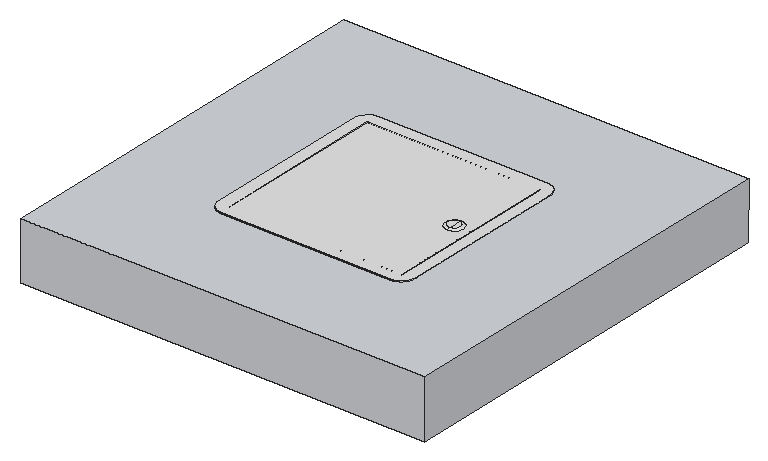
Revit family
Parameters (values of type "WM-CABH011")
  WELSRating_ANZRS = "4 star"
  URL = "www.galvinengineering.com.au"
  Type Comments = "WM-CABH"
  StyleOrType_ANZRS = "Plumbing Fixture"
  Seating = ""
  RemovableDoor = not(HingedDoor)  # no
  PlumbingMaterial_ANZRS = Metal_Valves_DR-Brass-Nickel-Plated_10800
  Outlet = ""
  ModifiedIssue_ANZRS = 20120403.01  # constant formula
  Model = "WM-CABH011"
  Manufacturer = "Galvin Engineering"
  Keynote = "10800"
  Instructions = "http://www.galvinengineering.com.au/Installation_Guides_1.aspx"
  Inlet = ""
  HingedDoor = yes
  FilterObject_ANZRS = "WM-CABH"
  Description = "CliniMix® Cabinet Only With Hinged Door 3 Hole Top & Bottom"
  Default Elevation = 900.00 mm
  CreatedBy_ANZRS = "Galvin Engineering"
  CreatedByURL_ANZRS = "www.galvinengineering.com.au"
  CreatedByPhoneNo_ANZRS = "61-8-92495900"
  Circulation_ANZRS = yes
  Assembly Code = "D2010"
Types (3, lengths in mm): name | Type Comments | RemovableDoor | Model | HingedDoor | FilterObject_ANZRS | Description
  (no name) | "WM-CABH" | no | "WM-CABH011" | yes | "WM-CABH" | "CliniMix® Cabinet Only With Hinged Door 3 Hole Top & Bottom"
  WM-CABH011 | "WM-CABH" | no | "WM-CABH011" | yes | "WM-CABH" | "CliniMix® Cabinet Only With Hinged Door 3 Hole Top & Bottom"
  WM-CABR011 | "WM-CABR" | yes | "WM-CABR011" | no | "WM-CABR" | "CliniMix® Cabinet Only With Removable Door 3 Hole Top & Bottom"
Reference planes
  plane 1 "Center (Front/Back)": y = 0
  plane 2 "Face": z = 0
  plane 3 "Center (Left/Right)": x = 0
  plane 4 "Left": x = -150
  plane 5 "Right": x = 150
  plane 6 "Top": y = 150
  plane 7 "Bottom": y = -150
  plane 8 "Front": z = 1
Forms (mm)
  Extrusion 1, solid
    sketch origin (0, -719.2, 0) x (1, 0, 0) y (0, 1, 0)
      loop
        line (-350, 1069.2) -> (-350, 369.2) -> (350, 369.2) -> (350, 1069.2) -> (-350, 1069.2)
    from 0 to -100
  Extrusion 2, solid, material "Metal_Valves_DR-Brass-Nickel-Plated_10800" <- "PlumbingMaterial_ANZRS"
    sketch origin (0, 0, -74) x (1, 0, 0) y (0, 1, 0)
      loop
        line (-150, 150) -> (-150, -150) -> (150, -150) -> (150, 150) -> (-150, 150)
      loop
        line (-149, 149) -> (-149, -149) -> (149, -149) -> (149, 149) -> (-149, 149)
    from 0 to 75
  Extrusion 3, solid, material "Metal_Valves_DR-Brass-Nickel-Plated_10800" <- "PlumbingMaterial_ANZRS"
    sketch origin (0, 0, 1) x (-1, 0, 0) y (0, -1, 0)
      loop
        arc (170, 145) -> (162.678, 162.678) -> (145, 170) r 25
        line (145, 170) -> (-145, 170)
        arc (-145, 170) -> (-162.678, 162.678) -> (-170, 145) r 25
        line (-170, 145) -> (-170, -145)
        arc (-170, -145) -> (-162.678, -162.678) -> (-145, -170) r 25
        line (-145, -170) -> (145, -170)
        arc (145, -170) -> (162.678, -162.678) -> (170, -145) r 25
        line (170, -145) -> (170, 145)
    from 0 to -1
  Revolve 4, solid, material "Metal_Valves_DR-Brass-Nickel-Plated_10800" <- "PlumbingMaterial_ANZRS", detail levels medium+fine
    sketch origin (0, 0, -36.5) x (-1, 0, 0) y (0, -1, 0)
      loop
        line (-150, -115) -> (-150, -110) -> (-165, -110) -> (-165, -111.688) -> (-164.705, -112.5) -> (-164.409, -111.688) -> (-164.114, -112.5) -> (-163.818, -111.688) -> (-163.523, -112.5) -> (-163.227, -111.688) -> (-162.932, -112.5) -> (-162.637, -111.688) -> (-162.341, -112.5) -> (-162.046, -111.688) -> (-161.75, -112.5) -> (-161.455, -111.688) -> (-161.159, -112.5) -> (-160.864, -111.688) -> (-160.569, -112.5) -> (-160.273, -111.688) -> (-159.978, -112.5) -> (-159.682, -111.688) -> (-159.387, -112.5) -> (-159.091, -111.688) -> (-158.796, -112.5) -> (-158.501, -111.688) -> (-158.205, -112.5) -> (-157.91, -111.688) -> (-157.614, -112.5) -> (-156.773, -112.5) -> (-156.773, -114) -> (-151.25, -114) -> (-151.25, -115) -> (-150, -115)
      axis (-150, -110) -> (-165, -110)
    angle from 0 to 360
  Revolve 5, solid, material "Metal_Valves_DR-Brass-Nickel-Plated_10800" <- "PlumbingMaterial_ANZRS", detail levels medium+fine
    sketch origin (0, 0, -36.5) x (-1, 0, 0) y (0, -1, 0)
      loop
        line (-150, 115) -> (-151.25, 115) -> (-151.25, 114) -> (-156.773, 114) -> (-156.773, 112.5) -> (-157.614, 112.5) -> (-157.91, 111.688) -> (-158.205, 112.5) -> (-158.501, 111.688) -> (-158.796, 112.5) -> (-159.091, 111.688) -> (-159.387, 112.5) -> (-159.682, 111.688) -> (-159.978, 112.5) -> (-160.273, 111.688) -> (-160.569, 112.5) -> (-160.864, 111.688) -> (-161.159, 112.5) -> (-161.455, 111.688) -> (-161.75, 112.5) -> (-162.046, 111.688) -> (-162.341, 112.5) -> (-162.637, 111.688) -> (-162.932, 112.5) -> (-163.227, 111.688) -> (-163.523, 112.5) -> (-163.818, 111.688) -> (-164.114, 112.5) -> (-164.409, 111.688) -> (-164.705, 112.5) -> (-165, 111.688) -> (-165, 110) -> (-150, 110) -> (-150, 115)
      axis (-150, 110) -> (-165, 110)
    angle from 0 to 360
  Revolve 6, solid, material "Metal_Valves_DR-Brass-Nickel-Plated_10800" <- "PlumbingMaterial_ANZRS", detail levels medium+fine
    sketch origin (0, 0, -36.5) x (1, 0, 0) y (0, 1, 0)
      loop
        line (-150, 115) -> (-151.25, 115) -> (-151.25, 114) -> (-156.773, 114) -> (-156.773, 112.5) -> (-157.614, 112.5) -> (-157.91, 111.688) -> (-158.205, 112.5) -> (-158.501, 111.688) -> (-158.796, 112.5) -> (-159.091, 111.688) -> (-159.387, 112.5) -> (-159.682, 111.688) -> (-159.978, 112.5) -> (-160.273, 111.688) -> (-160.569, 112.5) -> (-160.864, 111.688) -> (-161.159, 112.5) -> (-161.455, 111.688) -> (-161.75, 112.5) -> (-162.046, 111.688) -> (-162.341, 112.5) -> (-162.637, 111.688) -> (-162.932, 112.5) -> (-163.227, 111.688) -> (-163.523, 112.5) -> (-163.818, 111.688) -> (-164.114, 112.5) -> (-164.409, 111.688) -> (-164.705, 112.5) -> (-165, 111.688) -> (-165, 110) -> (-150, 110) -> (-150, 115)
      axis (-150, 110) -> (-165, 110)
    angle from 0 to 360
  Revolve 7, solid, material "Metal_Valves_DR-Brass-Nickel-Plated_10800" <- "PlumbingMaterial_ANZRS", detail levels medium+fine
    sketch origin (0, 0, -36.5) x (1, 0, 0) y (0, 1, 0)
      loop
        line (-150, -115) -> (-150, -110) -> (-165, -110) -> (-165, -111.688) -> (-164.705, -112.5) -> (-164.409, -111.688) -> (-164.114, -112.5) -> (-163.818, -111.688) -> (-163.523, -112.5) -> (-163.227, -111.688) -> (-162.932, -112.5) -> (-162.637, -111.688) -> (-162.341, -112.5) -> (-162.046, -111.688) -> (-161.75, -112.5) -> (-161.455, -111.688) -> (-161.159, -112.5) -> (-160.864, -111.688) -> (-160.569, -112.5) -> (-160.273, -111.688) -> (-159.978, -112.5) -> (-159.682, -111.688) -> (-159.387, -112.5) -> (-159.091, -111.688) -> (-158.796, -112.5) -> (-158.501, -111.688) -> (-158.205, -112.5) -> (-157.91, -111.688) -> (-157.614, -112.5) -> (-156.773, -112.5) -> (-156.773, -114) -> (-151.25, -114) -> (-151.25, -115) -> (-150, -115)
      axis (-150, -110) -> (-165, -110)
    angle from 0 to 360
  Extrusion 8, solid, material "Metal_Valves_DR-Brass-Nickel-Plated_10800" <- "PlumbingMaterial_ANZRS"
    sketch origin (0, 0, -74) x (1, 0, 0) y (0, 1, 0)
      loop
        line (-150, 150) -> (-150, -150) -> (150, -150) -> (150, 150) -> (-150, 150)
    from 0 to 1
  Revolve 9, solid, material "Metal_Valves_DR-Brass-Nickel-Plated_10800" <- "PlumbingMaterial_ANZRS", visible <- "HingedDoor", detail levels medium+fine
    sketch origin (121.25, 0, -74) x (0, 1, 0) y (0, 0, 1)
      loop
        line (15, 75) -> (11, 76.5) -> (0, 76.5) -> (0, 75) -> (15, 75)
      axis (0, 75) -> (0, 76.5)
    angle from 0 to 360
  Revolve 10, solid, material "Plastic_Valves_Grey_10800"
    sketch origin (0, 0, -39) x (-1, 0, 0) y (0, -1, 0)
      loop
        line (0, -150) -> (-17.5, -150) -> (-17.5, -152)
        arc (-17.5, -152) -> (-16.621, -154.121) -> (-14.5, -155) r 3
        line (-14.5, -155) -> (0, -155) -> (0, -150)
      axis (0, -155) -> (0, -150)
    angle from 0 to 360
  Revolve 11, solid, material "Plastic_Valves_Grey_10800"
    sketch origin (-75, 0, -39) x (-1, 0, 0) y (0, -1, 0)
      loop
        line (0, -150) -> (-17.5, -150) -> (-17.5, -152)
        arc (-17.5, -152) -> (-16.621, -154.121) -> (-14.5, -155) r 3
        line (-14.5, -155) -> (0, -155) -> (0, -150)
      axis (0, -155) -> (0, -150)
    angle from 0 to 360
  Revolve 12, solid, material "Plastic_Valves_Grey_10800"
    sketch origin (0, 0, -39) x (-1, 0, 0) y (0, -1, 0)
      loop
        line (0, 150) -> (0, 155) -> (-14.5, 155)
        arc (-14.5, 155) -> (-16.621, 154.121) -> (-17.5, 152) r 3
        line (-17.5, 152) -> (-17.5, 150) -> (0, 150)
      axis (0, 155) -> (0, 150)
    angle from 0 to 360
  Revolve 13, solid, material "Plastic_Valves_Grey_10800"
    sketch origin (75, 0, -39) x (1, 0, 0) y (0, 1, 0)
      loop
        line (0, 150) -> (0, 155) -> (-14.5, 155)
        arc (-14.5, 155) -> (-16.621, 154.121) -> (-17.5, 152) r 3
        line (-17.5, 152) -> (-17.5, 150) -> (0, 150)
      axis (0, 155) -> (0, 150)
    angle from 0 to 360
  Revolve 14, solid, material "Plastic_Valves_Grey_10800"
    sketch origin (-75, 0, -39) x (-1, 0, 0) y (0, -1, 0)
      loop
        line (0, 150) -> (0, 155) -> (-14.5, 155)
        arc (-14.5, 155) -> (-16.621, 154.121) -> (-17.5, 152) r 3
        line (-17.5, 152) -> (-17.5, 150) -> (0, 150)
      axis (0, 155) -> (0, 150)
    angle from 0 to 360
  Revolve 15, solid, material "Plastic_Valves_Grey_10800"
    sketch origin (75, 0, -39) x (1, 0, 0) y (0, 1, 0)
      loop
        line (0, -150) -> (-17.5, -150) -> (-17.5, -152)
        arc (-17.5, -152) -> (-16.621, -154.121) -> (-14.5, -155) r 3
        line (-14.5, -155) -> (0, -155) -> (0, -150)
      axis (0, -155) -> (0, -150)
    angle from 0 to 360
  Revolve 16, solid, material "Metal_Valves_DR-Brass-Nickel-Plated_10800" <- "PlumbingMaterial_ANZRS", visible <- "RemovableDoor", detail levels medium+fine
    sketch origin (0, -118.75, -74) x (0, 1, 0) y (0, 0, 1)
      loop
        line (15, 75) -> (11, 76.5) -> (0, 76.5) -> (0, 75) -> (15, 75)
      axis (0, 75) -> (0, 76.5)
    angle from 0 to 360
Lines and regions (mm)
  symbolic lines, style "Taps/Mixers"
    curve 1: line (-170, 145, 75) -> (-170, -145, 75)
    curve 2: arc (-170, -145, 75) -> (-162.678, -162.678, 75) -> (-145, -170, 75) r 25
    curve 3: line (-145, -170, 75) -> (145, -170, 75)
    curve 4: arc (145, -170, 75) -> (162.678, -162.678, 75) -> (170, -145, 75) r 25
    curve 5: line (170, -145, 75) -> (170, 145, 75)
    curve 6: arc (170, 145, 75) -> (162.678, 162.678, 75) -> (145, 170, 75) r 25
    curve 7: line (145, 170, 75) -> (-145, 170, 75)
    curve 8: arc (-145, 170, 75) -> (-162.678, 162.678, 75) -> (-170, 145, 75) r 25
    curve 21: line (0, -170, 0) -> (0, 170, 0)
    curve 22: line (0, 170, 1) -> (0, -170, 1)
    curve 25: line (0, -170, 1) -> (0, -170, 0)
    curve 26: line (0, 170, 0) -> (0, 170, 1)
    curve 46: line (-170, 0, 0) -> (170, 0, 0)
    curve 47: line (170, 0, 1) -> (-170, 0, 1)
    curve 48: line (-170, 0, 1) -> (-170, 0, 0)
    curve 49: line (170, 0, 0) -> (170, 0, 1)
  symbolic lines, style "Taps/Mixers", visible <- "HingedDoor", detail levels medium+fine
    curve 9: circle (121.25, 0, 75) r 15 normal (0, 0, 1)
    curve 10: circle (121.25, 0, 75) r 12 normal (0, 0, 1)
    curve 27: line (0, 11, 2.5) -> (0, -11, 2.5)
    curve 28: line (0, -11, 2.5) -> (0, -15, 1)
    curve 29: line (0, 11, 2.5) -> (0, 15, 1)
    curve 50: line (132.25, 0, 2.5) -> (110.25, 0, 2.5)
    curve 51: line (110.25, 0, 2.5) -> (106.342, 0, 1)
    curve 52: line (132.25, 0, 2.5) -> (136.158, 0, 1)
  symbolic lines, style "Taps/Mixers", visible <- "HingedDoor", detail levels fine
    curve 11: line (111.193, -1, 75) -> (131.193, -1, 75)
    curve 12: line (111.193, 1, 75) -> (111.193, -1, 75)
    curve 13: line (131.193, 1, 75) -> (111.193, 1, 75)
    curve 14: line (131.193, -1, 75) -> (131.193, 1, 75)
  symbolic lines, style "Taps/Mixers", visible <- "RemovableDoor", detail levels medium+fine
    curve 15: circle (0, -118.75, 75) r 15 normal (0, 0, 1)
    curve 16: circle (0, -118.75, 75) r 12 normal (0, 0, 1)
    curve 40: line (0, -107.75, 2.5) -> (0, -129.75, 2.5)
    curve 41: line (0, -129.75, 2.5) -> (0, -133.75, 1)
    curve 42: line (0, -107.75, 2.5) -> (0, -103.75, 1)
    curve 56: line (11, 0, 2.5) -> (-11, 0, 2.5)
    curve 57: line (-11, 0, 2.5) -> (-14.908, 0, 1)
    curve 58: line (11, 0, 2.5) -> (14.908, 0, 1)
  symbolic lines, style "Taps/Mixers", visible <- "RemovableDoor", detail levels fine
    curve 17: line (-1.057, -108.75, 75) -> (-1.057, -128.75, 75)
    curve 18: line (0.943, -108.75, 75) -> (-1.057, -108.75, 75)
    curve 19: line (0.943, -128.75, 75) -> (0.943, -108.75, 75)
    curve 20: line (-1.057, -128.75, 75) -> (0.943, -128.75, 75)
  symbolic lines, style "PlumbingFixturesHiddenLines"
    curve 23: line (0, -150, 0) -> (0, -150, -74)
    curve 24: line (0, 150, -74) -> (0, 150, 0)
    curve 30: line (0, 152.027, -21.489) -> (0, 150, -21.489)
    curve 31: line (0, 155.027, -24.489) -> (0, 155.027, -53.489)
    curve 32: line (0, 152.027, -56.489) -> (0, 150, -56.489)
    curve 33: arc (0, 155.027, -53.489) -> (0, 154.148, -55.611) -> (0, 152.027, -56.489) r 3
    curve 34: arc (0, 155.027, -24.489) -> (0, 154.148, -22.368) -> (0, 152.027, -21.489) r 3
    curve 35: line (0, -152.027, -21.489) -> (0, -150, -21.489)
    curve 36: line (0, -155.027, -24.489) -> (0, -155.027, -53.489)
    curve 37: line (0, -152.027, -56.489) -> (0, -150, -56.489)
    curve 38: arc (0, -155.027, -53.489) -> (0, -154.148, -55.611) -> (0, -152.027, -56.489) r 3
    curve 39: arc (0, -155.027, -24.489) -> (0, -154.148, -22.368) -> (0, -152.027, -21.489) r 3
    curve 43: line (0, -150, -74) -> (0, 150, -74)
    curve 44: line (-150, 0, 0) -> (-150, 0, -74)
    curve 45: line (150, 0, -74) -> (150, 0, 0)
    curve 53: circle (75, 0, -39) r 17.5 normal (0, -1, 0)
    curve 54: circle (-75, 0, -39) r 17.5 normal (0, 1, 0)
    curve 55: circle (0, 0, -39) r 17.5 normal (0, 1, 0)
    curve 59: line (-150, 0, -74) -> (150, 0, -74)
Dimensions and locks
  aligned and locked: plane 2 "Face" to Extrusion 1
  aligned and locked: level to Extrusion 1
  aligned and locked: plane 8 "Front" to Extrusion 2
